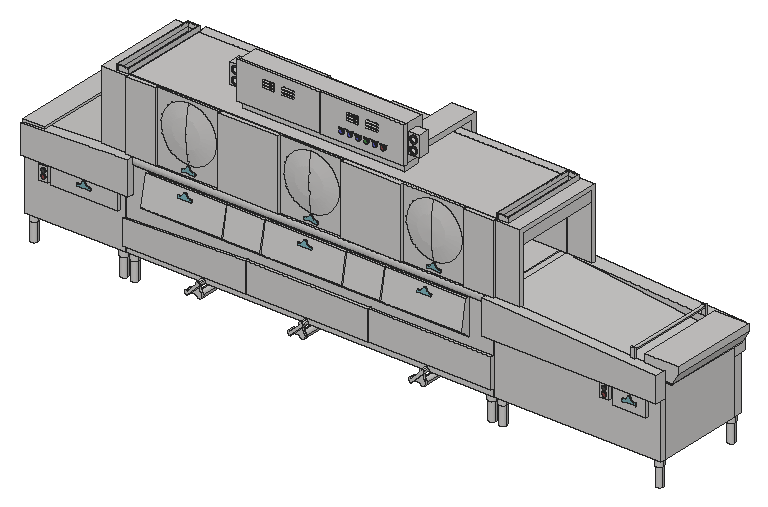
Revit family (continued)
Automatic sketch dimensions
  curve 74 to curve 73 = 0' - 1 1/8"
  plane 110 to curve 71 = 0' - 0 3/8"
  curve 71 to curve 69 = 0' - 1 1/8"
  curve 10 to curve 9 = 0' - 0 7/8"
  curve 38 to plane 22 "Front of Main Body" = 0' - 0.06488"
  curve 138 to plane 22 "Front of Main Body" = 0' - 0 3/4"
  curve 16 to plane 22 "Front of Main Body" = 0' - 0 3/4"
  curve 26 to plane 22 "Front of Main Body" = 0' - 0 3/4"
  curve 96 to plane 22 "Front of Main Body" = 0' - 0 3/4"
  curve 82 to plane 22 "Front of Main Body" = 0' - 0 3/4"
  curve 102 to curve 102 = 0' - 0 1/2"
  curve 107 to plane 31 "Back of Inside" = 0' - 0 1/2"
  curve 15 to plane 31 "Back of Inside" = 0' - 1"
  curve 33 to plane 31 "Back of Inside" = 0' - 1"
  curve 23 to curve 23 = 0' - 1"
  plane 21 "Back of Main Body" to curve 11 = 0' - 0 3/8"
  plane 1 "BACK" to curve 101 = 0' - 1 1/2"
  curve 5 to curve 5 = 0' - 1 1/2"
  plane 67 to curve 104 = 0' - 0 3/4"
  plane 67 to curve 107 = 0' - 0 3/4"
  curve 104 to curve 105 = 0' - 0 1/4"
  curve 109 to plane 67 = 0' - 0 1/2"
  curve 109 to curve 103 = 0' - 0 1/4"
  curve 109 to curve 108 = 0' - 0 1/4"
  curve 80 to curve 80 = 0' - 0 3/8"
  curve 145 to plane 75 = 0' - 0 1/2"
  curve 2 to plane 43 = 0' - 1 7/8"
  plane 125 to curve 131 = 0' - 0 3/8"
  radius of Extrusion 100 sketch curve = 0' - 1 1/4"
  radius of Extrusion 100 sketch curve = 0' - 1"
  radius of Extrusion 103 sketch curve = 0' - 0 5/8"
  radius of Extrusion 104 sketch curve = 0' - 0 5/8"
  radius of Extrusion 105 sketch curve = 0' - 0 5/8"
  radius of Extrusion 106 sketch curve = 0' - 0 5/8"
  radius of Extrusion 108 sketch curve = 0' - 1 1/4"
  radius of Extrusion 108 sketch curve = 0' - 1"
  radius of Extrusion 110 sketch curve = 0' - 1 1/4"
  radius of Extrusion 110 sketch curve = 0' - 1"
  radius of Extrusion 112 sketch curve = 0' - 1 1/4"
  radius of Extrusion 112 sketch curve = 0' - 1"
  radius of Extrusion 114 sketch curve = 0' - 0 5/8"
  radius of Extrusion 115 sketch curve = 0' - 0 5/8"
  radius of Extrusion 134 sketch curve = 0' - 1"
  radius of Extrusion 134 sketch curve = 0' - 1 1/8"
  radius of Extrusion 135 sketch curve = 0' - 1"
  radius of Extrusion 135 sketch curve = 0' - 1 1/8"
  radius of Extrusion 139 sketch curve = 0' - 1"
  radius of Extrusion 139 sketch curve = 0' - 1 1/8"
  radius of Extrusion 143 sketch curve = 0' - 1 1/4"
  radius of Extrusion 143 sketch curve = 0' - 1"
  radius of Extrusion 146 sketch curve = 0' - 0 5/8"
  radius of Extrusion 147 sketch curve = 0' - 0 5/8"
  radius of Extrusion 148 sketch curve = 0' - 0 5/8"
  radius of Extrusion 149 sketch curve = 0' - 0 5/8"
  radius of Extrusion 151 sketch curve = 0' - 1 1/4"
  radius of Extrusion 151 sketch curve = 0' - 1"
  radius of Extrusion 153 sketch curve = 0' - 1 1/4"
  radius of Extrusion 153 sketch curve = 0' - 1"
  radius of Extrusion 155 sketch curve = 0' - 1 1/4"
  radius of Extrusion 155 sketch curve = 0' - 1"
  radius of Extrusion 157 sketch curve = 0' - 0 5/8"
  radius of Extrusion 158 sketch curve = 0' - 0 5/8"
  radius of Extrusion 171 sketch curve = 0' - 1"
  radius of Extrusion 171 sketch curve = 0' - 1 1/8"
  radius of Extrusion 172 sketch curve = 0' - 1"
  radius of Extrusion 172 sketch curve = 0' - 1 1/8"
  radius of Extrusion 176 sketch curve = 0' - 1"
  radius of Extrusion 176 sketch curve = 0' - 1 1/8"
  radius of Extrusion 52 sketch curve = 0' - 0 3/4"
  radius of Extrusion 53 sketch curve = 0' - 0 3/4"
  radius of Extrusion 64 sketch curve = 0' - 0 1/2"
  radius of Extrusion 68 sketch curve = 0' - 0 3/4"
  radius of Extrusion 69 sketch curve = 0' - 0 3/4"
  radius of Extrusion 70 sketch curve = 0' - 1 3/16"
  radius of Extrusion 71 sketch curve = 0' - 1 7/16"
  radius of Extrusion 72 sketch curve = 0' - 1 3/16"
  radius of Extrusion 73 sketch curve = 0' - 1 7/16"
  radius of Extrusion 74 sketch curve = 0' - 1 3/16"
  radius of Extrusion 75 sketch curve = 0' - 1 7/16"
  radius of Extrusion 76 sketch curve = 0' - 1 3/16"
  radius of Extrusion 77 sketch curve = 0' - 1 7/16"
  radius of Extrusion 78 sketch curve = 0' - 1 3/16"
  radius of Extrusion 79 sketch curve = 0' - 1 7/16"
  radius of Extrusion 80 sketch curve = 0' - 1 3/16"
  radius of Extrusion 81 sketch curve = 0' - 1 7/16"
  radius of Extrusion 82 sketch curve = 0' - 1 3/16"
  radius of Extrusion 83 sketch curve = 0' - 1 7/16"
  radius of Extrusion 84 sketch curve = 0' - 1 3/16"
  radius of Extrusion 85 sketch curve = 0' - 1 7/16"
  radius of Extrusion 86 sketch curve = 0' - 1 3/16"
  radius of Extrusion 87 sketch curve = 0' - 1 7/16"
  radius of Extrusion 88 sketch curve = 0' - 1 3/16"
  radius of Extrusion 89 sketch curve = 0' - 1 7/16"
  radius of Extrusion 90 sketch curve = 0' - 1 3/16"
  radius of Extrusion 91 sketch curve = 0' - 1 7/16"
  radius of Extrusion 92 sketch curve = 0' - 1 3/16"
  radius of Extrusion 93 sketch curve = 0' - 1 7/16"
  radius of Extrusion 128 sketch curve = 0' - 1"
  radius of Extrusion 128 sketch curve = 0' - 1 1/8"
  radius of Sweep 131 sketch curve = 0' - 0 3/8"
  radius of Sweep 131 sketch curve = 0' - 0 1/2"
  radius of Sweep 132 sketch curve = 0' - 0 1/2"
  radius of Sweep 132 sketch curve = 0' - 0 5/8"
  radius of Extrusion 133 sketch curve = 0' - 0 1/2"
  radius of Extrusion 184 sketch curve = 0' - 0 1/4"
  radius of Extrusion 185 sketch curve = 0' - 0 1/4"
  radius of Sweep 186 sketch curve = 0' - 0 3/8"
  radius of Extrusion 187 sketch curve = 0' - 0 1/4"
  radius of Extrusion 188 sketch curve = 0' - 0 1/4"
  radius of Extrusion 189 sketch curve = 0' - 0 1/4"
  radius of Extrusion 190 sketch curve = 0' - 0 1/4"
  radius of Extrusion 191 sketch curve = 0' - 0 1/4"
  radius of Extrusion 192 sketch curve = 0' - 0 1/4"
  radius of Sweep 193 sketch curve = 0' - 0 3/8"
  radius of Sweep 194 sketch curve = 0' - 0 3/8"
  radius of Sweep 195 sketch curve = 0' - 0 3/8"
  radius of Sweep 198 sketch curve = 0' - 1"
  radius of Extrusion 205 sketch curve = 0' - 0 1/4"
  radius of Extrusion 206 sketch curve = 0' - 0 1/4"
  radius of Sweep 207 sketch curve = 0' - 0 3/8"
  radius of Extrusion 208 sketch curve = 0' - 0 1/4"
  radius of Extrusion 209 sketch curve = 0' - 0 1/4"
  radius of Sweep 210 sketch curve = 0' - 0 3/8"
  radius of Sweep 213 sketch curve = 0' - 0 3/8"
  radius of Sweep 213 sketch curve = 0' - 0 1/2"
  radius of Sweep 198 sketch curve = 0' - 1 1/8"
Nested families (in)
  nested 1: "QF_Stero_STPCW-ER_132_S_EX" at (110.84638, -6, 0), Ventilation Remarks <- "Unload Ventilation Remarks", Exhaust Volume <- "Unload Exhaust Volume", Exhaust Vent Width <- "Unload Exhaust Vent Width", Exhaust Vent Depth <- "Unload Exhaust Vent Depth", Exhaust Static Press <- "Unload Exhaust Static Press", Exhaust RI Height <- "Unload Exhaust RI Height", Item Number <- "Unload Exhaust Item Number", type "Nested"
    with Ventilation Remarks "", Item Number "-", Exhaust Volume 1000 CFM, Exhaust Vent Width 0' - 4", Exhaust Vent Depth 2' - 7 1/4", Exhaust Static Press 0.00 in-wg, Exhaust RI Height 0' - 0"
  nested 2: "QF_Stero_STPCW-ER_132_S_HW2" at (140.72138, -16.75, 0), visible <- "No Booster Heater", Plumbing Remarks <- "Boosted Plumbing Remarks", Hot Water Temperature <- "Boosted Hot Water Temperature", Hot Water Size <- "Boosted Hot Water Size", Hot Water RI Height <- "Boosted Hot Water RI Height", Hot Water Minimum Pressure <- "Boosted Hot Water Minimum Pressure", Hot Water Maximum Pressure <- "Boosted Hot Water Maximum Pressure", Hot Water Flow <- "Boosted Hot Water Flow", Hot Water Consumption <- "Boosted Hot Water Consumption", Hot Water Connection Height <- "Boosted Hot Water Connection Height", Item Number <- "Boosted HW Item Number", type "Nested"
    with Plumbing Remarks "", Item Number "-", Hot Water Temperature 180 °F, Hot Water Size Radius 3/8", Hot Water Size 3/4", Hot Water RI Height 0' - 0", Hot Water Minimum Pressure 20.00 psi, Hot Water Maximum Pressure 20.00 psi, Hot Water Flow 0.00 GPM, Hot Water Consumption 1.63 GPM, Hot Water Connection Height 0' - 6"
Connectors (in)
  hvac at (-23.40362, -21.625, 67.25), driven by "Exhaust Volume", driven by "Exhaust Vent Depth", driven by "Exhaust Vent Width"
    settings: on cut or joined group of Extrusion 25, Extrusion 27, index 1, duct flow 500 CFM, flow factor 0, pres drop 0.00 in-wg, loss coef 0, conn angle 0.00°, conn width 4", conn height 31 1/4", conn radius 12", duct sys type 3, conn prof type 1, flow config 1, flow direction 2, loss method 0, conn ref index -1, conn util no, is conn primary yes, conn desc "Load End Exhaust"
  hvac at (112.84638, -21.625, 67.25), driven by "Unload Exhaust Volume", driven by "Unload Exhaust Vent Depth", driven by "Unload Exhaust Vent Width"
    settings: on cut or joined group of Extrusion 29, Extrusion 31, index 2, duct flow 1000 CFM, flow factor 0, pres drop 0.00 in-wg, loss coef 0, conn angle 0.00°, conn width 4", conn height 31 1/4", conn radius 12", duct sys type 3, conn prof type 1, flow config 1, flow direction 2, loss method 0, conn ref index -1, conn util no, is conn primary no, conn desc "Unload End Exhaust"
  piping at (-39.90362, -20.25, 7), driven by "Indirect Waste Flow"
    settings: on Extrusion 128, index 3, connector radius 1", flow factor 0, pipe flow 0.00 GPM, pressure drop 0.00 psi, fitting loss kfactor 0, connector angle 0.00°, fixture units 0, flow configuration 1, flow direction 2, fitting loss method 0, system type 16, connector reference index -1, connector utility 0, adjustable connector no, is connector primary yes, fitting loss table "", connector description "Load End Indirect Waste"
  piping at (163.72138, -20.25, 7), driven by "Indirect Waste Flow"
    settings: on Extrusion 128, index 4, connector radius 1", flow factor 0, pipe flow 0.00 GPM, pressure drop 0.00 psi, fitting loss kfactor 0, connector angle 0.00°, fixture units 0, flow configuration 1, flow direction 2, fitting loss method 0, system type 16, connector reference index -1, connector utility 0, adjustable connector no, is connector primary no, fitting loss table "", connector description "Unload End Indirect Waste"
  piping at (146.72138, -8.5, 6), driven by "Hot Water Flow"
    settings: on Sweep 132, index 5, connector radius 1/2", flow factor 0, pipe flow 0.00 GPM, pressure drop 0.00 psi, fitting loss kfactor 0, connector angle 0.00°, fixture units 0, flow configuration 1, flow direction 1, fitting loss method 0, system type 19, connector reference index -1, connector utility 0, adjustable connector no, is connector primary no, fitting loss table "", connector description "Building Hot Water"
  piping at (-31.27862, -8.5, 6), driven by "Cold Water Flow"
    settings: on Sweep 131, index 6, connector radius 3/8", flow factor 0, pipe flow 0.00 GPM, pressure drop 0.00 psi, fitting loss kfactor 0, connector angle 0.00°, fixture units 0, flow configuration 1, flow direction 1, fitting loss method 0, system type 20, connector reference index -1, connector utility 0, adjustable connector no, is connector primary no, fitting loss table "", connector description "Cold Water"
  electrical at (16.72138, -26, 78.5), driven by "Number of Poles", driven by "Volts", driven by "Apparent Power"
    settings: on cut or joined group of Extrusion 95, Extrusion 133, index 7, voltage 480 V, apparent load 14199.8 VA, apparent load phase1 0 VA, apparent load phase2 0 VA, apparent load phase3 0 VA, power factor 1, load classification "Other", number of poles 3, system type 30, power factor state 1, is connector primary yes, connector utility no, sub classification motor no, connector description "Feeder 1 Electric"
  piping at (140.72138, -8.5, 6)
    settings: on Sweep 213, index 8, connector radius 3/8", flow factor 0, pipe flow 0.00 GPM, pressure drop 0.00 psi, fitting loss kfactor 0, connector angle 0.00°, fixture units 0, flow configuration 1, flow direction 2, fitting loss method 0, system type 8, connector reference index -1, connector utility 0, adjustable connector no, is connector primary no, fitting loss table "", connector description "Condensate Drain"
  piping at (134.72138, -8.5, 6), driven by "Steam Supply Volume"
    settings: on Sweep 198, index 9, connector radius 1", flow factor 0, pipe flow 0.00 GPM, pressure drop 0.00 psi, fitting loss kfactor 0, connector angle 0.00°, fixture units 0, flow configuration 1, flow direction 1, fitting loss method 0, system type 7, connector reference index -1, connector utility 0, adjustable connector no, is connector primary no, fitting loss table "", connector description "Steam Supply"
Definition of nested family "QF_Stero_STPCW-ER_132_S_EX"
  Parameters (values of type "Nested")
    Ventilation Remarks [instance] = ""
    Item Number [instance] = "-"
    Exhaust Volume [instance] = 0 CFM
    Exhaust Vent Width [instance] = 1' - 4"
    Exhaust Vent Depth [instance] = 0' - 4"
    Exhaust Static Press [instance] = 0.00 in-wg
    Exhaust RI Height [instance] = 0' - 0"
    Description = ""
    Assembly Code = ""
  Reference planes (in)
    plane 1 "Center (Back)": y = 0
    plane 2: z = 0
    plane 3 "Center (Left)": x = 0
    plane 4: x = 16
    plane 5: y = -4
  Lines and regions (in)
    symbolic lines, style "QF_Multiple Utilities"
      curve 1: line (0, 0, 0) -> (16, 0, 0)
      curve 2: line (0, -4, 0) -> (0, 0, 0)
      curve 3: line (16, -4, 0) -> (0, -4, 0)
      curve 4: line (16, 0, 0) -> (16, -4, 0)
      curve 5: line (16, 0, 0) -> (0, -4, 0)
      curve 6: line (0, 0, 0) -> (16, -4, 0)
  Dimensions and locks (in)
    "Exhaust Vent Width": plane 3 "Center (Left)" to plane 4
    "Exhaust Vent Depth": plane 1 "Center (Back)" to plane 5
    aligned and locked: level to plane 2
    aligned and locked: plane 1 "Center (Back)" to curve 1
    aligned and locked: plane 3 "Center (Left)" to curve 2
    aligned and locked: curve 3 to plane 5
    aligned and locked: curve 4 to plane 4
Definition of nested family "QF_Stero_STPCW-ER_132_S_HW2"
  Parameters (values of type "Nested")
    Plumbing Remarks [instance] = ""
    Item Number [instance] = "-"
    Hot Water Temperature [instance] = 0 °F
    Hot Water Size [instance] = 1/4"
    Hot Water RI Height [instance] = 0' - 0"
    Hot Water Minimum Pressure [instance] = 0.00 psi
    Hot Water Maximum Pressure [instance] = 0.00 psi
    Hot Water Flow [instance] = 0.00 GPM
    Hot Water Consumption [instance] = 0.00 GPM
    Hot Water Connection Height [instance] = 0' - 0"
    Description = ""
    Hot Water Size Radius [instance] = Hot Water Size / 2  # 1/8"
    Assembly Code = ""
  Reference planes (in)
    plane 1 "Center (Back)": y = 0
    plane 2: z = 0
    plane 3 "Center (Left)": x = 0
  Lines and regions (in)
    symbolic lines, style "QF_Multiple Utilities"
      curve 1: circle (0, 0, 0) r 0.125 normal (0, 0, 1)
  Dimensions and locks (in)
    "Hot Water Size Radius": radius of curve 1
    aligned and locked: level to plane 2
  Automatic sketch dimensions
    plane 1 "Center (Back)" to curve 1 = 0' - 0"
    curve 1 to plane 3 "Center (Left)" = 0' - 0"
Types (3): name | Volts | FL Amps | Apparent Power
  (no name) | 480 V | 17.1 A | 14199.8 VA
  208/60/3 | 208 V | 36.6 A | 13170.1 VA
  480/60/3 | 480 V | 17.1 A | 14199.8 VA
